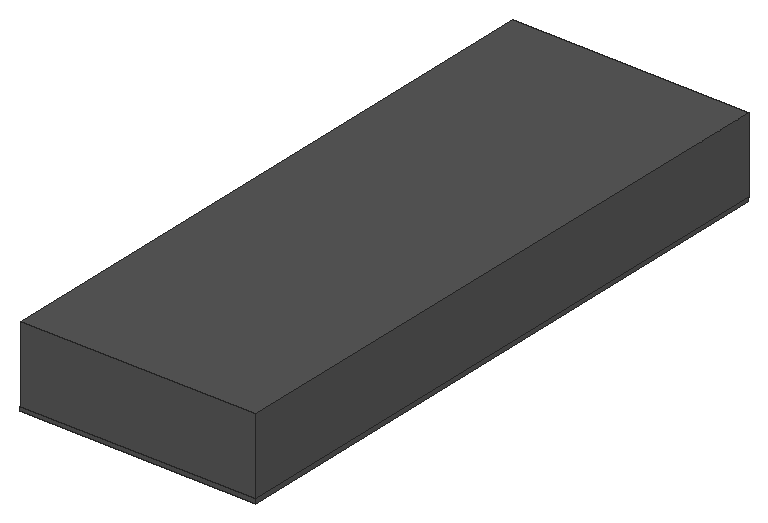
Revit family "ERA_LF_PR_SPP-503", category Осветительные приборы, Revit 2019 (continued)
Definition of nested family "LF_ИС_Пр_SPP-503"
  Types (5, lengths in mm): name | Корпус_Центр | Photometric Web File | built-in parameter 1150105 | Lumens | built-in parameter 1150106 | built-in parameter 1150142 | Wattage
    SPP-503-0-50K-080 | 369.391 | "SPP-503-0-50K-080.ies" | 625.47 (stored number, unit not read) | 8000 lm | 6.2547 (stored number, unit not read) | "IESNA:LM-63-1995\r\n[DATA] 24.08.2020\r\n[MANUFAC]??РА\r\n[LUMCAT] SPP-503-0-50K-080\r\n[LUMINAIRE] Светильник\r\n[LAMP] Светодиодный модуль\r\nTILT=NONE\r\n1 7224 7.224 91 37 1 2 0.45 0.16 0.045\r\n1 1 80.59\r\n0 1 2 3 4 5 6 7 8 9 10 11 12 13 14 15 16 17 18 19 20 21 22 23 24 25 26 27 28 29 30 31 32 33 34 35 36 37 38 39 40 41 42 43 44 45 46 47 48 49 50 51 52 53 54 55 56 57 58 59 60 61 62 63 64 65 66 67 68 69 70 71 72 73 74 75 76 77 78 79 80 81 82 83 84 85 86 87 88 89 90 \r\n0 10 20 30 40 50 60 70 80 90 100 110 120 130 140 150 160 170 180 190 200 210 220 230 240 250 260 270 280 290 300 310 320 330 340 350 360 \r\n284.8 284.9 285.2 285.5 286 286.8 287.7 289.3 291.5 294.1 297 299.5 302.1 305.8 310.2 314.9 318.9 323.1 328.2 334.3 341.3 348.6 355.9 362.8 369.5 376.2 383.1 390.9 398.6 406 412.9 420.9 430.1 439.8 448.8 457 464.9 473.7 483.9 494 502.5 509.3 516.3 524 530.8 536.4 542.8 549.3 553.5 558 562.1 563.4 564.8 564.2 562 559 553.4 547.2 537.2 524.6 506.4 483.2 453.4 418.8 379.4 336.9 293.2 250.6 209.9 171.4 135.3 103.1 75.8 54.1 38.4 28.5 22.8 19.4 16.9 14.8 12.7 10.8 9.1 7.6 6.1 4.7 3.6 0 0 0 0\r\n284.8 285 284.7 285.8 286.1 286.5 288 290.3 292 292.9 295 297.8 300 303.8 306.7 311.7 315.6 321.3 326.9 332.4 339.2 345 351.3 358.8 365.9 374.1 381.9 389.6 396.6 403.8 411.3 418.1 426.5 433.7 442.8 451.3 459.7 468.5 477.5 486.1 494.3 502.4 509.1 515.7 521.2 526.7 531 534.8 537.3 539.8 539 538.7 536.8 533.8 528.5 519.7 507.7 493 473.3 447.4 418.9 387.2 352.5 318.1 283.1 247.3 211.5 177.4 146.7 118.7 95.8 76.7 61.8 49.9 40.3 32.9 27 22.4 18.7 15.8 13.3 11 9.1 7.5 6.1 4.9 3.8 0 0 0 0\r\n284.8 284.5 284.4 285.1 285.8 286.8 287.9 289.5 291.2 293.3 295.7 298.2 301.2 304.8 309.2 312.8 317.4 322.6 328.7 333.2 340.7 347.8 353.1 359.7 367.1 373.9 381.5 388.9 395 402.1 408.2 414 420.4 427.9 434.2 440 445.7 450.9 456.1 460.3 463 465.3 467.8 468.3 467.1 466.2 461.2 456.1 448.1 440.3 428.3 413.5 397.7 380.6 360.4 339.9 317 293.8 269.4 245.3 222 198.5 176.6 155.5 135.4 116.3 98.1 81.8 67.9 56.5 47.8 41.5 36.4 32.1 28.4 25.2 22.3 19.7 17.3 15.1 13.2 11.4 9.6 7.8 6.2 4.9 3.8 0 0 0 0\r\n284.8 285.1 285 286 286.2 287.6 288.6 290.2 292.6 295.2 297.8 300.2 303.5 307.9 312 315.9 321.2 326.9 331.6 337.2 343.1 349.5 353.9 361.6 365.4 372.1 377 381.4 385.8 390.7 393.7 395.8 397.7 399.2 400.2 400.5 400 398.6 396.3 392.8 387.9 381.2 373.1 364.1 354.4 343 330 316 301.5 285.3 269 251.2 233.6 215.5 197.7 180.3 163.7 148.3 133.6 120.1 108 96.8 86.8 77.7 69.3 62 55.2 49 43.5 38.4 34.2 30.7 27.6 25 22.5 20.5 18.5 16.9 15.1 13.3 11.7 10.1 8.7 7.4 6.4 5.4 4.5 3.5 0 0 0\r\n284.8 283.7 285 285 284.9 286.9 288.5 290 293.1 295.4 298.1 302.2 305.5 309.2 313.8 317.9 322.8 326.6 331.9 336.3 341 344.9 349.6 353.4 356.2 359.7 361.9 363.7 365.2 365 364.6 363.8 361.2 358.7 354 349.6 342.9 336.6 328 318.8 309.6 298.7 286.6 274.6 262.5 249.7 235.3 221.4 207.5 194.2 180 166.7 153.5 141.4 130.2 119.1 108.5 99 90.7 83.5 77.2 71.3 65.8 60.7 56.1 51.9 47.9 44.3 40.7 37.1 33.5 30.4 27.7 25.4 23.4 21.7 20 17.9 15.7 13.5 11.6 9.9 8.7 7.7 6.8 5.7 4.5 3.4 0 0 0\r\n284.8 284.7 284.4 285.4 286.4 287.7 289.2 291.4 293.1 296.8 300.3 303.8 307.6 311.6 315.6 319.6 323.8 327.7 330.4 333.4 337.1 339.7 341.1 343.5 344.1 344.4 344.2 342.5 341.3 338.4 335.9 331.7 326.7 320.7 313.1 305.6 298.2 289.1 278.8 268.6 258.7 247.3 235.1 223.5 212.1 199.9 187.5 175.8 164.8 153.8 143.3 133.4 123.7 114.8 106.3 98.6 91.5 85 79.2 73.6 68.6 63.7 59.3 55.1 51.1 47.1 43.3 39.7 36.5 34 31.8 29.8 28 26.3 24.6 23.1 21.6 20.2 18.9 17.5 16.1 14.7 13.2 11.5 9.6 7.5 5.5 3.8 0 0 0\r\n284.8 283.1 283.8 284.4 285.2 287.4 288.8 291.1 294.5 297.2 301.3 304.7 308.3 312.3 315.6 319.1 322.6 324.8 327.3 330.1 331 331.3 331.5 331.4 330.7 328.9 326.2 322.8 318.7 314 308.4 302 295.2 287.9 279.7 271.1 261.9 252.6 242.8 232.5 222.1 211.6 200.4 189.6 179.1 168.2 158.2 148.2 138.8 129.6 120.5 112.3 104.6 97.9 90.9 85 79.1 73.6 68.5 63.5 59.2 54.5 50.3 45.9 41.8 38.6 35.7 33.3 30.9 28.9 26.9 25.2 23.6 22.2 20.9 19.8 18.6 17.5 16.5 15.3 14.2 13 11.7 10.3 8.9 7.4 6 4.6 3.1 0 0\r\n284.8 282.9 284 284.3 285.7 286.9 289.5 291.5 294.7 297.1 301.5 305.3 308.5 311.8 315.7 318.3 320.8 323.4 325.2 326 326.9 326.4 324.8 324 320.5 317.5 313.5 308.7 302.9 297.8 290 283.3 275.8 267.5 258.7 249.6 241.2 231 221.1 210.4 200.8 190 179.9 169.1 158.9 149.5 139.7 131.1 122.8 114.5 107.3 100.8 94.3 88 82.5 77.3 72 67 62.2 57.4 52.8 48.2 44 40.6 37.7 34.9 32.3 29.9 27.8 25.8 23.8 22 20.2 18.5 16.8 15.3 14 12.8 11.7 10.7 9.7 8.9 8.5 8.2 7.5 6.3 5.2 4.1 0 0 0\r\n284.8 283.7 283.2 284.6 285.2 287.2 289.7 292.5 295.6 299.4 302.9 306.3 310.6 312.8 316.8 319.1 321.2 323.4 323.6 324.4 323.8 321.6 319.9 317.7 313.2 308.2 303.8 298.6 291.8 284.7 278.3 270.3 261.3 253.4 244.8 234.6 226 216.3 205.6 195.8 186.4 176.2 166 156.6 147.6 138.4 129.6 121.5 114.3 107.3 100.5 94.3 88.5 82.9 77.2 71.9 67.3 62.7 57.7 52.6 47.9 43.9 40.5 37.4 34.6 32 29.5 27.1 24.7 22 19.2 16.9 15.3 14.2 13.3 12.4 11.6 11 10.5 10 9.6 9.5 9.4 9.3 9.1 8.6 7.9 6.9 5.6 3.8 0\r\n284.8 283.5 283.5 284.7 285.6 287.1 289.7 292.1 295.7 299.6 302.9 306.8 310.4 313.3 316.5 319.1 321.6 323.1 323.9 323.6 323.3 321 318.9 315.6 311.5 307.6 301.4 296.7 289.5 282.5 275.4 267.5 259 250.2 241.2 231.6 221.8 211.8 201.7 191.4 181.3 171.4 161.6 151.9 143.3 134.6 126.2 118.5 111 104.2 97.5 91.5 85.4 79.4 74.2 69.3 64.3 59.2 54.2 49.3 45 41.4 38.3 35.4 32.7 30.2 27.7 25.2 22 18.8 16.5 15.3 14.4 13.7 12.9 12.1 11.5 11 10.5 10 9.5 8.9 8.2 7.5 6.6 5.8 4.9 4 3.2 0 0\r\n284.8 283.7 283.2 284.6 285.2 287.2 289.7 292.5 295.6 299.4 302.9 306.3 310.6 312.8 316.8 319.1 321.2 323.4 323.6 324.4 323.8 321.6 319.9 317.7 313.2 308.2 303.8 298.6 291.8 284.7 278.3 270.3 261.3 253.4 244.8 234.6 226 216.3 205.6 195.8 186.4 176.2 166 156.6 147.6 138.4 129.6 121.5 114.3 107.3 100.5 94.3 88.5 82.9 77.2 71.9 67.3 62.7 57.7 52.6 47.9 43.9 40.5 37.4 34.6 32 29.5 27.1 24.7 22 19.2 16.9 15.3 14.2 13.3 12.4 11.6 11 10.5 10 9.6 9.5 9.4 9.3 9.1 8.6 7.9 6.9 5.6 3.8 0\r\n284.8 282.9 284 284.3 285.7 286.9 289.5 291.5 294.7 297.1 301.5 305.3 308.5 311.8 315.7 318.3 320.8 323.4 325.2 326 326.9 326.4 324.8 324 320.5 317.5 313.5 308.7 302.9 297.8 290 283.3 275.8 267.5 258.7 249.6 241.2 231 221.1 210.4 200.8 190 179.9 169.1 158.9 149.5 139.7 131.1 122.8 114.5 107.3 100.8 94.3 88 82.5 77.3 72 67 62.2 57.4 52.8 48.2 44 40.6 37.7 34.9 32.3 29.9 27.8 25.8 23.8 22 20.2 18.5 16.8 15.3 14 12.8 11.7 10.7 9.7 8.9 8.5 8.2 7.5 6.3 5.2 4.1 0 0 0\r\n284.8 283.1 283.8 284.4 285.2 287.4 288.8 291.1 294.5 297.2 301.3 304.7 308.3 312.3 315.6 319.1 322.6 324.8 327.3 330.1 331 331.3 331.5 331.4 330.7 328.9 326.2 322.8 318.7 314 308.4 302 295.2 287.9 279.7 271.1 261.9 252.6 242.8 232.5 222.1 211.6 200.4 189.6 179.1 168.2 158.2 148.2 138.8 129.6 120.5 112.3 104.6 97.9 90.9 85 79.1 73.6 68.5 63.5 59.2 54.5 50.3 45.9 41.8 38.6 35.7 33.3 30.9 28.9 26.9 25.2 23.6 22.2 20.9 19.8 18.6 17.5 16.5 15.3 14.2 13 11.7 10.3 8.9 7.4 6 4.6 3.1 0 0\r\n284.8 284.7 284.4 285.4 286.4 287.7 289.2 291.4 293.1 296.8 300.3 303.8 307.6 311.6 315.6 319.6 323.8 327.7 330.4 333.4 337.1 339.7 341.1 343.5 344.1 344.4 344.2 342.5 341.3 338.4 335.9 331.7 326.7 320.7 313.1 305.6 298.2 289.1 278.8 268.6 258.7 247.3 235.1 223.5 212.1 199.9 187.5 175.8 164.8 153.8 143.3 133.4 123.7 114.8 106.3 98.6 91.5 85 79.2 73.6 68.6 63.7 59.3 55.1 51.1 47.1 43.3 39.7 36.5 34 31.8 29.8 28 26.3 24.6 23.1 21.6 20.2 18.9 17.5 16.1 14.7 13.2 11.5 9.6 7.5 5.5 3.8 0 0 0\r\n284.8 283.7 285 285 284.9 286.9 288.5 290 293.1 295.4 298.1 302.2 305.5 309.2 313.8 317.9 322.8 326.6 331.9 336.3 341 344.9 349.6 353.4 356.2 359.7 361.9 363.7 365.2 365 364.6 363.8 361.2 358.7 354 349.6 342.9 336.6 328 318.8 309.6 298.7 286.6 274.6 262.5 249.7 235.3 221.4 207.5 194.2 180 166.7 153.5 141.4 130.2 119.1 108.5 99 90.7 83.5 77.2 71.3 65.8 60.7 56.1 51.9 47.9 44.3 40.7 37.1 33.5 30.4 27.7 25.4 23.4 21.7 20 17.9 15.7 13.5 11.6 9.9 8.7 7.7 6.8 5.7 4.5 3.4 0 0 0\r\n284.8 285.1 285 286 286.2 287.6 288.6 290.2 292.6 295.2 297.8 300.2 303.5 307.9 312 315.9 321.2 326.9 331.6 337.2 343.1 349.5 353.9 361.6 365.4 372.1 377 381.4 385.8 390.7 393.7 395.8 397.7 399.2 400.2 400.5 400 398.6 396.3 392.8 387.9 381.2 373.1 364.1 354.4 343 330 316 301.5 285.3 269 251.2 233.6 215.5 197.7 180.3 163.7 148.3 133.6 120.1 108 96.8 86.8 77.7 69.3 62 55.2 49 43.5 38.4 34.2 30.7 27.6 25 22.5 20.5 18.5 16.9 15.1 13.3 11.7 10.1 8.7 7.4 6.4 5.4 4.5 3.5 0 0 0\r\n284.8 284.5 284.4 285.1 285.8 286.8 287.9 289.5 291.2 293.3 295.7 298.2 301.2 304.8 309.2 312.8 317.4 322.6 328.7 333.2 340.7 347.8 353.1 359.7 367.1 373.9 381.5 388.9 395 402.1 408.2 414 420.4 427.9 434.2 440 445.7 450.9 456.1 460.3 463 465.3 467.8 468.3 467.1 466.2 461.2 456.1 448.1 440.3 428.3 413.5 397.7 380.6 360.4 339.9 317 293.8 269.4 245.3 222 198.5 176.6 155.5 135.4 116.3 98.1 81.8 67.9 56.5 47.8 41.5 36.4 32.1 28.4 25.2 22.3 19.7 17.3 15.1 13.2 11.4 9.6 7.8 6.2 4.9 3.8 0 0 0 0\r\n284.8 285 284.7 285.8 286.1 286.5 288 290.3 292 292.9 295 297.8 300 303.8 306.7 311.7 315.6 321.3 326.9 332.4 339.2 345 351.3 358.8 365.9 374.1 381.9 389.6 396.6 403.8 411.3 418.1 426.5 433.7 442.8 451.3 459.7 468.5 477.5 486.1 494.3 502.4 509.1 515.7 521.2 526.7 531 534.8 537.3 539.8 539 538.7 536.8 533.8 528.5 519.7 507.7 493 473.3 447.4 418.9 387.2 352.5 318.1 283.1 247.3 211.5 177.4 146.7 118.7 95.8 76.7 61.8 49.9 40.3 32.9 27 22.4 18.7 15.8 13.3 11 9.1 7.5 6.1 4.9 3.8 0 0 0 0\r\n284.8 284.9 285.2 285.5 286 286.8 287.7 289.3 291.5 294.1 297 299.5 302.1 305.8 310.2 314.9 318.9 323.1 328.2 334.3 341.3 348.6 355.9 362.8 369.5 376.2 383.1 390.9 398.6 406 412.9 420.9 430.1 439.8 448.8 457 464.9 473.7 483.9 494 502.5 509.3 516.3 524 530.8 536.4 542.8 549.3 553.5 558 562.1 563.4 564.8 564.2 562 559 553.4 547.2 537.2 524.6 506.4 483.2 453.4 418.8 379.4 336.9 293.2 250.6 209.9 171.4 135.3 103.1 75.8 54.1 38.4 28.5 22.8 19.4 16.9 14.8 12.7 10.8 9.1 7.6 6.1 4.7 3.6 0 0 0 0\r\n284.8 285 286 286.6 287.6 288.9 290.9 292.1 294.8 296.9 299.7 302.6 306.4 309.6 314.4 318.4 323.6 329.3 334.4 341.2 347.9 354.5 361.4 370.2 376.6 383.7 391.2 399.4 406.8 412.9 420.4 429.1 437 444.8 452.1 459.9 468 476.7 484.4 492.1 498.5 504.5 509.9 514.4 519 523.8 526.4 529 531.5 531.2 531.5 529.6 525.6 520.6 513.1 502.3 488.3 469.9 447.4 421.8 392.8 361.1 328.2 294.6 259.8 225.4 190.9 158.4 129.4 104.5 84 67.9 55.3 45.1 36.9 30.3 25.1 20.9 17.6 14.9 12.5 10.3 8.4 6.9 5.6 4.5 3.5 0 0 0 0\r\n284.8 285.4 285.8 287.5 288.5 290 292.4 294.8 297.4 300.3 303.5 307.3 311.4 315.9 320.3 325.8 331.3 337.2 342.8 350 356.2 362.8 370 377.5 385 391.7 398.4 405.4 410.6 417.7 423.3 429.1 435 440.6 444.9 450.1 453.7 457.2 460.6 462.9 464.1 464.4 463.6 461 457.5 452.3 446.2 438.2 428.7 417 403 386.6 368.7 350 330.2 308.6 285.5 262.1 239.1 216.4 193.5 171.4 150.4 130.5 111 92.4 76.5 62.9 52.1 44 38.4 33.7 29.8 26.6 23.6 20.8 18.6 16.5 14.5 12.7 11.1 9.5 7.9 6.3 5 3.9 3.2 0 0 0 0\r\n284.8 285.2 286.8 288.4 290.4 292 293.8 296.7 300.1 303.7 307.9 311.9 316.9 321.5 326.5 331.4 337 342.5 348.4 355.2 361.9 367.6 372.5 379.1 385.5 389.7 394.3 398.7 403.4 405.9 407 410.6 412 410.5 409.5 409.5 407 402.1 397.2 391.3 383.1 374.3 365.9 354.9 342.7 329.9 314.4 299 282.9 265.9 249.7 231.8 214 195.9 178.6 161.9 146.7 132.1 118.6 105.7 94.3 84 74.8 66.4 58.7 52 46.2 40.8 35.9 31.7 28.2 25.3 23.1 21.1 19.3 17.6 16.1 14.5 13 11.4 9.9 8.5 7.2 6.2 5.4 4.6 3.9 0 0 0 0\r\n284.8 286 287.1 288.1 290.8 293.2 296.8 299.7 303.9 307.5 311.1 315.9 320.2 325.5 331.1 335.1 339.8 346.2 351.4 355.5 360 364.2 369 372.5 375.7 377.5 379.1 379.8 379.8 379 378.2 375.3 371.5 367 361.5 354.3 347.2 338.8 328.5 318.3 306.2 293.3 280.3 267.5 253.8 239.6 224.8 210.2 196.3 181.4 167.3 153.9 140.1 127.8 116.5 105.6 95.6 86.9 79.3 72.5 66.3 60.5 55.1 50.2 45.9 42.2 38.9 35.8 32.9 30.1 27.5 25.1 23.1 21.5 20 18.5 16.7 14.6 12.7 10.9 9.2 7.9 6.9 6 5 4 0 0 0 0 0\r\n284.8 285.8 287.5 289.3 292.3 296.1 299.7 303.3 307.1 311.9 316.6 321.4 325.8 330.7 335.5 339.1 344.7 347.9 351.3 355.4 358 359.4 360.8 362.6 363 362.1 360 357.2 353.5 349.5 344.7 339 331.6 322.9 313.8 304.9 294.7 283.7 272.3 260.5 248.6 236.7 224.5 212 199.3 186.5 174.1 162.1 150.6 139.9 129.6 119.8 110.5 101.8 94 86.9 80.4 74.2 68.2 62.6 57.5 52.9 48.7 44.9 41.4 38.2 35.5 32.9 30.4 28.3 26.4 24.7 23 21.5 20.2 18.9 17.7 16.4 15.1 13.9 12.7 11.4 9.9 8 6.1 4.4 0 0 0 0 0\r\n284.8 285.1 287.2 290.1 292.5 295.9 299.4 304.8 308.5 313 316.6 321.5 326.3 330.7 334.8 338.9 342.5 345.4 347.6 349.1 349.8 349.8 348.8 347.6 345.7 342.8 338.7 334.3 328.4 321.9 314.1 306 297 288.6 278.9 268.4 257.7 247.5 235.8 225.1 213.5 202 190.8 179.7 167.7 157.3 146.8 137 127 118.1 109.5 101.9 94.7 88.2 81.7 75.6 70 64.6 59.7 54.7 50.2 45.9 42 38.6 35.6 32.9 30.5 28.4 26.4 24.6 23 21.6 20.2 18.8 17.6 16.5 15.3 14.3 13.3 12.2 11.1 9.8 8.4 7.2 5.9 4.7 3.4 0 0 0 0\r\n284.8 285.3 288.2 290.1 293.7 297.8 301.3 305.3 310.1 315 319.8 324.2 328.5 332.3 335.8 338.5 341 343.1 344 344.1 344.1 342.6 340.8 337.7 333.5 329 323.1 316.9 309.7 301.3 293.4 283.7 274.8 266.2 256 244.8 234.5 224.5 213.6 203.1 192.5 181.3 170.8 159.8 149.6 139.6 130.1 121.3 112.9 105.3 98.3 91.6 85.1 78.9 73 67.5 62.6 57.8 53.4 49.3 45.2 41.6 38.2 35.2 32.5 30 27.9 25.8 24 22.2 20.6 18.9 17.3 15.7 14.2 12.9 11.7 10.7 9.6 8.6 7.6 6.8 6.1 5.4 4.6 3.7 0 0 0 0 0\r\n284.8 285.6 288.2 291 294.9 299.1 302.3 306.5 311.9 316.4 320.5 325.4 330 333.5 336 338 339.5 341.1 341.8 341.4 339.1 336.3 333.8 329.3 323.4 318.1 311.2 303.5 296.4 287.6 280 270.9 261.8 251.7 241.8 231.1 221.5 211 200.8 189.7 179 168.4 158.1 148.6 139.1 129.9 121.3 113.1 105.5 98.6 92.2 85.9 79.7 74 68.7 63.8 59.1 54.7 50.5 46.3 42.5 38.9 35.8 32.9 30.3 28 25.7 23.5 21 18.5 16.3 14.7 13.5 12.4 11.5 10.6 10 9.3 8.9 8.5 8.2 8 7.7 7.3 6.7 5.9 4.7 3.1 0 0 0\r\n284.8 286.3 288.5 291 294.1 298.5 302.3 307.2 311.1 316.2 320.6 324.3 328.2 332.3 334.9 336.7 338.4 339.7 339 339.3 336.6 334.7 331 326.5 321.9 315.6 309.7 302.5 295 287 278.2 268.9 260.2 251.3 241.3 230.8 220.4 210.2 199.9 189.6 178.8 168.2 157.9 148.3 138.9 129.8 121.2 113.2 106 99.1 92.3 86 79.6 73.9 68.8 63.7 59.2 54.6 50.3 46.2 42.4 38.8 35.4 32.5 30 27.5 25.1 22.5 19.4 16.8 15 13.9 13 12.2 11.4 10.7 10.1 9.5 9 8.4 7.8 7.1 6.4 5.6 4.7 3.7 0 0 0 0 0\r\n284.8 285.6 288.2 291 294.9 299.1 302.3 306.5 311.9 316.4 320.5 325.4 330 333.5 336 338 339.5 341.1 341.8 341.4 339.1 336.3 333.8 329.3 323.4 318.1 311.2 303.5 296.4 287.6 280 270.9 261.8 251.7 241.8 231.1 221.5 211 200.8 189.7 179 168.4 158.1 148.6 139.1 129.9 121.3 113.1 105.5 98.6 92.2 85.9 79.7 74 68.7 63.8 59.1 54.7 50.5 46.3 42.5 38.9 35.8 32.9 30.3 28 25.7 23.5 21 18.5 16.3 14.7 13.5 12.4 11.5 10.6 10 9.3 8.9 8.5 8.2 8 7.7 7.3 6.7 5.9 4.7 3.1 0 0 0\r\n284.8 285.3 288.2 290.1 293.7 297.8 301.3 305.3 310.1 315 319.8 324.2 328.5 332.3 335.8 338.5 341 343.1 344 344.1 344.1 342.6 340.8 337.7 333.5 329 323.1 316.9 309.7 301.3 293.4 283.7 274.8 266.2 256 244.8 234.5 224.5 213.6 203.1 192.5 181.3 170.8 159.8 149.6 139.6 130.1 121.3 112.9 105.3 98.3 91.6 85.1 78.9 73 67.5 62.6 57.8 53.4 49.3 45.2 41.6 38.2 35.2 32.5 30 27.9 25.8 24 22.2 20.6 18.9 17.3 15.7 14.2 12.9 11.7 10.7 9.6 8.6 7.6 6.8 6.1 5.4 4.6 3.7 0 0 0 0 0\r\n284.8 285.1 287.2 290.1 292.5 295.9 299.4 304.8 308.5 313 316.6 321.5 326.3 330.7 334.8 338.9 342.5 345.4 347.6 349.1 349.8 349.8 348.8 347.6 345.7 342.8 338.7 334.3 328.4 321.9 314.1 306 297 288.6 278.9 268.4 257.7 247.5 235.8 225.1 213.5 202 190.8 179.7 167.7 157.3 146.8 137 127 118.1 109.5 101.9 94.7 88.2 81.7 75.6 70 64.6 59.7 54.7 50.2 45.9 42 38.6 35.6 32.9 30.5 28.4 26.4 24.6 23 21.6 20.2 18.8 17.6 16.5 15.3 14.3 13.3 12.2 11.1 9.8 8.4 7.2 5.9 4.7 3.4 0 0 0 0\r\n284.8 285.8 287.5 289.3 292.3 296.1 299.7 303.3 307.1 311.9 316.6 321.4 325.8 330.7 335.5 339.1 344.7 347.9 351.3 355.4 358 359.4 360.8 362.6 363 362.1 360 357.2 353.5 349.5 344.7 339 331.6 322.9 313.8 304.9 294.7 283.7 272.3 260.5 248.6 236.7 224.5 212 199.3 1
      86.5 174.1 162.1 150.6 139.9 129.6 119.8 110.5 101.8 94 86.9 80.4 74.2 68.2 62.6 57.5 52.9 48.7 44.9 41.4 38.2 35.5 32.9 30.4 28.3 26.4 24.7 23 21.5 20.2 18.9 17.7 16.4 15.1 13.9 12.7 11.4 9.9 8 6.1 4.4 0 0 0 0 0\r\n284.8 286 287.1 288.1 290.8 293.2 296.8 299.7 303.9 307.5 311.1 315.9 320.2 325.5 331.1 335.1 339.8 346.2 351.4 355.5 360 364.2 369 372.5 375.7 377.5 379.1 379.8 379.8 379 378.2 375.3 371.5 367 361.5 354.3 347.2 338.8 328.5 318.3 306.2 293.3 280.3 267.5 253.8 239.6 224.8 210.2 196.3 181.4 167.3 153.9 140.1 127.8 116.5 105.6 95.6 86.9 79.3 72.5 66.3 60.5 55.1 50.2 45.9 42.2 38.9 35.8 32.9 30.1 27.5 25.1 23.1 21.5 20 18.5 16.7 14.6 12.7 10.9 9.2 7.9 6.9 6 5 4 0 0 0 0 0\r\n284.8 285.2 286.8 288.4 290.4 292 293.8 296.7 300.1 303.7 307.9 311.9 316.9 321.5 326.5 331.4 337 342.5 348.4 355.2 361.9 367.6 372.5 379.1 385.5 389.7 394.3 398.7 403.4 405.9 407 410.6 412 410.5 409.5 409.5 407 402.1 397.2 391.3 383.1 374.3 365.9 354.9 342.7 329.9 314.4 299 282.9 265.9 249.7 231.8 214 195.9 178.6 161.9 146.7 132.1 118.6 105.7 94.3 84 74.8 66.4 58.7 52 46.2 40.8 35.9 31.7 28.2 25.3 23.1 21.1 19.3 17.6 16.1 14.5 13 11.4 9.9 8.5 7.2 6.2 5.4 4.6 3.9 0 0 0 0\r\n284.8 285.4 285.8 287.5 288.5 290 292.4 294.8 297.4 300.3 303.5 307.3 311.4 315.9 320.3 325.8 331.3 337.2 342.8 350 356.2 362.8 370 377.5 385 391.7 398.4 405.4 410.6 417.7 423.3 429.1 435 440.6 444.9 450.1 453.7 457.2 460.6 462.9 464.1 464.4 463.6 461 457.5 452.3 446.2 438.2 428.7 417 403 386.6 368.7 350 330.2 308.6 285.5 262.1 239.1 216.4 193.5 171.4 150.4 130.5 111 92.4 76.5 62.9 52.1 44 38.4 33.7 29.8 26.6 23.6 20.8 18.6 16.5 14.5 12.7 11.1 9.5 7.9 6.3 5 3.9 3.2 0 0 0 0\r\n284.8 285 286 286.6 287.6 288.9 290.9 292.1 294.8 296.9 299.7 302.6 306.4 309.6 314.4 318.4 323.6 329.3 334.4 341.2 347.9 354.5 361.4 370.2 376.6 383.7 391.2 399.4 406.8 412.9 420.4 429.1 437 444.8 452.1 459.9 468 476.7 484.4 492.1 498.5 504.5 509.9 514.4 519 523.8 526.4 529 531.5 531.2 531.5 529.6 525.6 520.6 513.1 502.3 488.3 469.9 447.4 421.8 392.8 361.1 328.2 294.6 259.8 225.4 190.9 158.4 129.4 104.5 84 67.9 55.3 45.1 36.9 30.3 25.1 20.9 17.6 14.9 12.5 10.3 8.4 6.9 5.6 4.5 3.5 0 0 0 0\r\n284.8 284.9 285.2 285.5 286 286.8 287.7 289.3 291.5 294.1 297 299.5 302.1 305.8 310.2 314.9 318.9 323.1 328.2 334.3 341.3 348.6 355.9 362.8 369.5 376.2 383.1 390.9 398.6 406 412.9 420.9 430.1 439.8 448.8 457 464.9 473.7 483.9 494 502.5 509.3 516.3 524 530.8 536.4 542.8 549.3 553.5 558 562.1 563.4 564.8 564.2 562 559 553.4 547.2 537.2 524.6 506.4 483.2 453.4 418.8 379.4 336.9 293.2 250.6 209.9 171.4 135.3 103.1 75.8 54.1 38.4 28.5 22.8 19.4 16.9 14.8 12.7 10.8 9.1 7.6 6.1 4.7 3.6 0 0 0 0\r\n" | 53.8568 W
